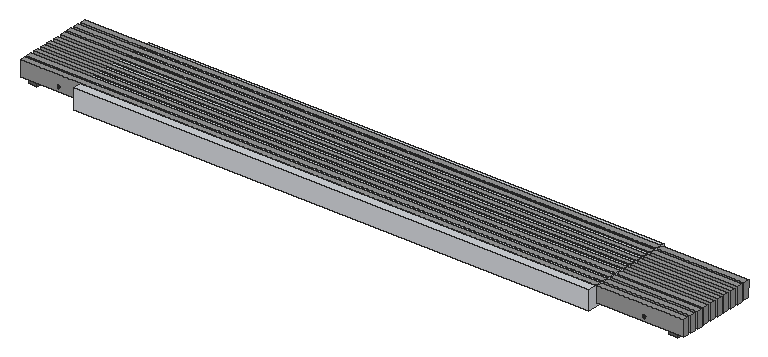
Revit family "1213-10, Solid", category Generic Models, host Face, Revit 2020
Family settings
  Host = Face
  Can host rebar = No
  Round Connector Dimension = Use Diameter
  Part Type = Normal
  Cut with Voids When Loaded = No
  Shared = No
  Room Calculation Point = No
Parameters
  min_value [instance] = 1' - 11 1/4"  # constant formula
  max_value [instance] = 11' - 11 1/4"  # constant formula
  actual_value [instance] = if(NET LENGTH < min_value, min_value, if(NET LENGTH > max_value, max_value, NET LENGTH))  # 7' - 11 1/4"
  NET LENGTH [instance] = 7' - 11 1/4"
  IMPORTANT NOTE!!!                                                                             *Backer & dowel layout is for visualization purposes only, final layout to be determined by 9Wood. [instance] = ""
  Default Elevation = 4' - 0"
  DOWEL RADIUS [instance] = 0' - 0 1/4"  # constant formula
  BACKING M MATERIAL [instance] = BLACK-BACKERS
  .. MEMBER WIDTH [instance] = 0' - 0 3/4"  # constant formula
  .. MEMBER MATERIAL [instance] = Solid Western Hemlock
  .. MEMBER DEPTH [instance] = 0' - 2 1/4"  # constant formula
  .. MEMBER COUNT [instance] = 10  # constant formula
Reference planes (in)
  plane 1 "Center (Front/Back)": y = 0
  plane 2: z = 2.726
  plane 3 "Center (Left/Right)": x = 0
Forms (in)
  Extrusion 1, solid
    sketch origin (15, -0.86619, -0.99308) x (0, 1, 0) y (-1, 0, 0)
      loop
        line (3.42869, -23.66817) -> (3.42869, 50.25) -> (-10, 50.25) -> (-10, -23.66817) -> (3.42869, -23.66817)
    from 3.71908 to 1.00111
Dimensions and locks (in)
  aligned and locked: plane 2 to Extrusion 1
Nested families (in)
  nested 1: "1200 Series" at (-44, -2, 1.87867), NET LENGTH <- "actual_value", DOWEL RADII <- "DOWEL RADIUS", .. MEMBER WIDTH <- ".. MEMBER WIDTH", .. MEMBER DEPTH <- ".. MEMBER DEPTH", .. MEMBER MATERIAL <- ".. MEMBER MATERIAL", BACKING M MATERIAL <- "BACKING M MATERIAL", .. MEMBER COUNT <- ".. MEMBER COUNT", type "1200 Series"
    with X 7' - 4", WIDTH 1' - 0 1/16", Space 0' - 0 11/16", START 0' - 0 3/8", SCRIM MATERIAL SCRIM, SCRIM 3 8' - 1", SCRIM 2 0' - 0 7/8", SCRIM 1 0' - 0 3/32", SCRIM yes, NET LENGTH 7' - 11 1/4", N 8, INSET 3 0' - 0 3/16", INSET 0' - 1", INDEX 0' - 5 5/8", END BACKER yes, DOWEL RADII 0' - 0 1/4", DOWEL COUNT 8, BACKING M WIDTH 0' - 1 1/4", BACKING M MATERIAL BLACK-BACKERS, BACKING M LENGTH 0' - 11 7/8", BACKING M DEPTH 0' - 0 1/2", .. MEMBER WIDTH 0' - 0 3/4", .. MEMBER OC TYP 0' - 1.2", .. MEMBER MATERIAL Solid Western Hemlock, .. MEMBER DEPTH 0' - 2 1/4", .. MEMBER COUNT 10
Definition of nested family "1200 Series"
  Parameters (values of type "1200 Series")
    X [instance] = NET LENGTH - (0' 3 5/8" * 2)  # 6' - 2"
    WIDTH [instance] = 1' - 0 1/16"
    Space [instance] = 0' - 0 11/16"  # constant formula
    START [instance] = .. MEMBER WIDTH / 2  # 0' - 0 3/8"
    SCRIM MATERIAL [instance] = none
    SCRIM 3 [instance] = NET LENGTH + (SCRIM 2 * 2)  # 6' - 11"
    SCRIM 2 [instance] = 0' - 0 7/8"
    SCRIM 1 [instance] = 0' - 0 3/32"
    SCRIM [instance] = yes
    NET LENGTH [instance] = 6' - 9 1/4"
    N [instance] = if((X - (rounddown(X / 1' 0") * 1' 0")) > 1' 0", rounddown(X / 1' 0") + 2, rounddown(X / 1' 0") + 1)  # 7
    INSET 3 [instance] = 0' - 0 3/16"
    INSET [instance] = 0' - 1"
    INDEX [instance] = (NET LENGTH - ((N - 1) * 1' 0")) / 2  # 0' - 4 5/8"
    END BACKER [instance] = yes
    Default Elevation = 0' - 0"
    DOWEL RADII [instance] = 0' - 0 1/4"
    DOWEL COUNT [instance] = N  # 7
    BACKING M WIDTH [instance] = 0' - 1 1/4"
    BACKING M MATERIAL [instance] = none
    BACKING M LENGTH [instance] = 0' - 11 7/8"
    BACKING M DEPTH [instance] = 0' - 0 1/2"
    .. MEMBER WIDTH [instance] = 0' - 0 3/4"
    .. MEMBER OC TYP [instance] = 1' 0" / .. MEMBER COUNT  # 0' - 3"
    .. MEMBER MATERIAL [instance] = none
    .. MEMBER DEPTH [instance] = 0' - 1 3/8"
    .. MEMBER COUNT [instance] = 4
  Reference planes (in)
    plane 1 "Center (Front/Back)": y = -7.5
    plane 2: z = 0
    plane 3 "Center (Left/Right)": x = 0
    plane 4: x = 1
    plane 5: x = 4.625
    plane 6: x = 81.25
    plane 7: x = 80.25
    plane 8: x = 16.625
    plane 9: y = -7.3125
    plane 10: y = -4.125
    plane 11: y = -7.125
    plane 12: y = 4.5625
    plane 13: y = -4.5
    plane 14: y = -7.59375
    plane 15: x = 82.125
    plane 16: y = 4.65625
    plane 17: x = -0.875
    plane 18: z = -1.375
    plane 19: z = -0.6875
  Lines and regions (in)
    model lines
      curve 1: line (4.375, -7.5, -0.6875) -> (4.875, -7.5, -0.6875)
    model lines, not visible
      curve 2: line (4.625, -7.5, -0.9375) -> (4.625, -7.5, -0.4375)
      curve 3: line (4.375, -7.5, -0.6875) -> (4.875, -7.5, -0.6875)
      curve 4: line (16.625, -7.5, -0.9375) -> (16.625, -7.5, -0.4375)
      curve 5: line (16.375, -7.5, -0.6875) -> (16.875, -7.5, -0.6875)
      curve 6: line (28.625, -7.5, -0.9375) -> (28.625, -7.5, -0.4375)
      curve 7: line (28.375, -7.5, -0.6875) -> (28.875, -7.5, -0.6875)
      curve 8: line (40.625, -7.5, -0.9375) -> (40.625, -7.5, -0.4375)
      curve 9: line (40.375, -7.5, -0.6875) -> (40.875, -7.5, -0.6875)
      curve 10: line (52.625, -7.5, -0.9375) -> (52.625, -7.5, -0.4375)
      curve 11: line (52.375, -7.5, -0.6875) -> (52.875, -7.5, -0.6875)
      curve 12: line (64.625, -7.5, -0.9375) -> (64.625, -7.5, -0.4375)
      curve 13: line (64.375, -7.5, -0.6875) -> (64.875, -7.5, -0.6875)
      curve 14: line (76.625, -7.5, -0.9375) -> (76.625, -7.5, -0.4375)
      curve 15: line (76.375, -7.5, -0.6875) -> (76.875, -7.5, -0.6875)
  Dimensions and locks (in)
    "NET LENGTH": plane 3 "Center (Left/Right)" to plane 6
    "INSET": plane 7 to plane 6
    "INDEX": plane 3 "Center (Left/Right)" to plane 5
    plane 5 to plane 8 = 1' - 0"
    "INSET 3": plane 1 "Center (Front/Back)" to plane 9
    equal spacing: group 1, group 2, group 3, group 4  (x3)
    "START": plane 11 to plane 1 "Center (Front/Back)"
    ".. MEMBER OC TYP": plane 10 to plane 11
    "WIDTH": plane 12 to plane 1 "Center (Front/Back)"
    "START": plane 10 to plane 13
    "SCRIM 1": plane 14 to plane 1 "Center (Front/Back)"
    "SCRIM 2": plane 6 to plane 15
    "SCRIM 1": plane 12 to plane 16
    "SCRIM 2": plane 17 to plane 3 "Center (Left/Right)"
    "INSET": plane 3 "Center (Left/Right)" to plane 4
    equal spacing: group 5, group 6, group 7, group 8, group 9, group 10, group 11  (x3)
    "Space": plane 19 to plane 18
    aligned and locked: level to plane 2
    aligned and locked: nested 1 to plane 4  (x2)
    aligned and locked: plane 7 to nested 2
    aligned and locked: plane 5 to nested 3
    aligned and locked: nested 1 to plane 9
    aligned and locked: plane 1 "Center (Front/Back)" to nested 4
    aligned and locked: plane 9 to nested 2
    aligned and locked: plane 13 to nested 5
    aligned and locked: nested 3 to plane 9
    aligned and locked: plane 18 to nested 1
    aligned and locked: plane 19 to nested 3
    aligned and locked: curve 1 to plane 19
    aligned and locked: plane 8 to curve 4
    aligned and locked: curve 5 to plane 19
    aligned and locked: nested 4 to plane 18
  Automatic sketch dimensions
    curve 1 to curve 1 = 0' - 0 1/2"
    curve 1 to plane 5 = 0' - 0 1/4"
    plane 5 to curve 1 = 0' - 0 1/4"
    curve 3 to curve 2 = 0' - 0 1/4"  (x2)
    curve 2 to curve 3 = 0' - 0 1/4"  (x2)
    curve 5 to curve 4 = 0' - 0 1/4"  (x2)
    curve 4 to curve 5 = 0' - 0 1/4"  (x2)
    curve 7 to curve 6 = 0' - 0 1/4"  (x2)
    curve 6 to curve 7 = 0' - 0 1/4"  (x2)
    curve 9 to curve 8 = 0' - 0 1/4"  (x2)
    curve 8 to curve 9 = 0' - 0 1/4"  (x2)
    curve 11 to curve 10 = 0' - 0 1/4"  (x2)
    curve 10 to curve 11 = 0' - 0 1/4"  (x2)
    curve 13 to curve 12 = 0' - 0 1/4"  (x2)
    curve 12 to curve 13 = 0' - 0 1/4"  (x2)
    curve 15 to curve 14 = 0' - 0 1/4"  (x2)
    curve 14 to curve 15 = 0' - 0 1/4"  (x2)
  Nested families (in)
    nested 1: "INSTANCE - 2ND -  EXTEND SIDE H CENTER W - Parametric Cube" at (1, -1.375, -1.375) x (0, -1, 0) z (0, 0, 1), Width <- "BACKING M LENGTH", Length <- "BACKING M WIDTH", Material <- "BACKING M MATERIAL", Height <- "BACKING M DEPTH", visible <- "END BACKER", type "INSTANCE - 2ND -  EXTEND SIDE H CENTER W - Parametric Cube"
      with Width 0' - 11 7/8", Material none, Length 0' - 1 1/4", Height 0' - 0 1/2"
    nested 2: "INSTANCE - 2ND -  EXTEND SIDE H CENTER W - Parametric Cube" at (80.25, -1.375, -1.375) x (0, -1, 0) z (0, 0, 1), Width <- "BACKING M LENGTH", Length <- "BACKING M WIDTH", Material <- "BACKING M MATERIAL", Height <- "BACKING M DEPTH", visible <- "END BACKER", type "INSTANCE - 2ND -  EXTEND SIDE H CENTER W - Parametric Cube"
      with Width 0' - 11 7/8", Material none, Length 0' - 1 1/4", Height 0' - 0 1/2"
    nested 3: "Family3" at (-5.375, -7.3125, -0.6875), DOWEL RADII <- "DOWEL RADII", BACKING MEM MATERIAL <- "BACKING M MATERIAL", type "Family3"
      with DOWEL RADII 0' - 0 1/4", DOWEL LENGTH 0' - 11 7/8", BACKING MEM MATERIAL none
    nested 4: "HOLED MEMBER" at (0, -18.75, 6.19404), DOWEL RADII <- "DOWEL RADII", .. MEMBER LENGTH <- "NET LENGTH", DOWEL COUNT <- "DOWEL COUNT", DEPTH <- ".. MEMBER DEPTH", .. MEMBER WIDTH <- ".. MEMBER WIDTH", Material <- ".. MEMBER MATERIAL", DOWEL INDEX <- "INDEX", Space 2 <- "Space", type "HOLED MEMBER"
      with Width 0' - 6", Space 2 0' - 0 11/16", Material none, Length 1' - 0", Height 0' - 10.43096", DOWEL RADII 0' - 0 1/4", DOWEL OC DIST 1' - 0", DOWEL INDEX 0' - 4 5/8", DOWEL COUNT 7, DEPTH 0' - 1 3/8", .. MEMBER WIDTH 0' - 0 3/4", .. MEMBER LENGTH 6' - 9 1/4"
    nested 5: "HOLED MEMBER" at (0, -15.75, 6.19404), DOWEL RADII <- "DOWEL RADII", .. MEMBER LENGTH <- "NET LENGTH", DOWEL COUNT <- "DOWEL COUNT", DEPTH <- ".. MEMBER DEPTH", .. MEMBER WIDTH <- ".. MEMBER WIDTH", Material <- ".. MEMBER MATERIAL", DOWEL INDEX <- "INDEX", Space 2 <- "Space", type "HOLED MEMBER"
      with Width 0' - 6", Space 2 0' - 0 11/16", Material none, Length 1' - 0", Height 0' - 10.43096", DOWEL RADII 0' - 0 1/4", DOWEL OC DIST 1' - 0", DOWEL INDEX 0' - 4 5/8", DOWEL COUNT 7, DEPTH 0' - 1 3/8", .. MEMBER WIDTH 0' - 0 3/4", .. MEMBER LENGTH 6' - 9 1/4"
    nested 6: "HOLED MEMBER" at (0, -12.75, 6.19404), DOWEL RADII <- "DOWEL RADII", .. MEMBER LENGTH <- "NET LENGTH", DOWEL COUNT <- "DOWEL COUNT", DEPTH <- ".. MEMBER DEPTH", .. MEMBER WIDTH <- ".. MEMBER WIDTH", Material <- ".. MEMBER MATERIAL", DOWEL INDEX <- "INDEX", Space 2 <- "Space", type "HOLED MEMBER"
      with Width 0' - 6", Space 2 0' - 0 11/16", Material none, Length 1' - 0", Height 0' - 10.43096", DOWEL RADII 0' - 0 1/4", DOWEL OC DIST 1' - 0", DOWEL INDEX 0' - 4 5/8", DOWEL COUNT 7, DEPTH 0' - 1 3/8", .. MEMBER WIDTH 0' - 0 3/4", .. MEMBER LENGTH 6' - 9 1/4"
    nested 7: "HOLED MEMBER" at (0, -9.75, 6.19404), DOWEL RADII <- "DOWEL RADII", .. MEMBER LENGTH <- "NET LENGTH", DOWEL COUNT <- "DOWEL COUNT", DEPTH <- ".. MEMBER DEPTH", .. MEMBER WIDTH <- ".. MEMBER WIDTH", Material <- ".. MEMBER MATERIAL", DOWEL INDEX <- "INDEX", Space 2 <- "Space", type "HOLED MEMBER"
      with Width 0' - 6", Space 2 0' - 0 11/16", Material none, Length 1' - 0", Height 0' - 10.43096", DOWEL RADII 0' - 0 1/4", DOWEL OC DIST 1' - 0", DOWEL INDEX 0' - 4 5/8", DOWEL COUNT 7, DEPTH 0' - 1 3/8", .. MEMBER WIDTH 0' - 0 3/4", .. MEMBER LENGTH 6' - 9 1/4"
    nested 8: "Family3" at (6.625, -7.3125, -0.6875), DOWEL RADII <- "DOWEL RADII", BACKING MEM MATERIAL <- "BACKING M MATERIAL", type "Family3"
      with DOWEL RADII 0' - 0 1/4", DOWEL LENGTH 0' - 11 7/8", BACKING MEM MATERIAL none
    nested 9: "Family3" at (18.625, -7.3125, -0.6875), DOWEL RADII <- "DOWEL RADII", BACKING MEM MATERIAL <- "BACKING M MATERIAL", type "Family3"
      with DOWEL RADII 0' - 0 1/4", DOWEL LENGTH 0' - 11 7/8", BACKING MEM MATERIAL none
    nested 10: "Family3" at (30.625, -7.3125, -0.6875), DOWEL RADII <- "DOWEL RADII", BACKING MEM MATERIAL <- "BACKING M MATERIAL", type "Family3"
      with DOWEL RADII 0' - 0 1/4", DOWEL LENGTH 0' - 11 7/8", BACKING MEM MATERIAL none
    nested 11: "Family3" at (42.625, -7.3125, -0.6875), DOWEL RADII <- "DOWEL RADII", BACKING MEM MATERIAL <- "BACKING M MATERIAL", type "Family3"
      with DOWEL RADII 0' - 0 1/4", DOWEL LENGTH 0' - 11 7/8", BACKING MEM MATERIAL none
    nested 12: "Family3" at (54.625, -7.3125, -0.6875), DOWEL RADII <- "DOWEL RADII", BACKING MEM MATERIAL <- "BACKING M MATERIAL", type "Family3"
      with DOWEL RADII 0' - 0 1/4", DOWEL LENGTH 0' - 11 7/8", BACKING MEM MATERIAL none
    nested 13: "Family3" at (66.625, -7.3125, -0.6875), DOWEL RADII <- "DOWEL RADII", BACKING MEM MATERIAL <- "BACKING M MATERIAL", type "Family3"
      with DOWEL RADII 0' - 0 1/4", DOWEL LENGTH 0' - 11 7/8", BACKING MEM MATERIAL none
  Definition of nested family "INSTANCE - 2ND -  EXTEND SIDE H CENTER W - Parametric Cube"
    Parameters (values of type "INSTANCE - 2ND -  EXTEND SIDE H CENTER W - Parametric Cube")
      Width [instance] = 0' - 6"
      Material [instance] = none
      Length [instance] = 1' - 0"
      Height [instance] = 1' - 6"
      Default Elevation = 0' - 0"
    Reference planes (in)
      plane 1 "Center (Front/Back)": y = 0
      plane 2: z = 0
      plane 3 "Center (Left/Right)": x = 0
      plane 4: x = -3
      plane 5: x = 3
      plane 6: y = 12
      plane 7: z = -18
    Forms (in)
      Extrusion 1, solid, material <- "Material"
        sketch origin (0, 6, 0) x (1, 0, 0) y (0, 1, 0)
          loop
            line (-3, 6) -> (-3, -6) -> (3, -6) -> (3, 6) -> (-3, 6)
        from -18 to 0
    Dimensions and locks (in)
      equal spacing: plane 4, plane 3 "Center (Left/Right)", plane 5
      "Width": plane 4 to plane 5
      "Height": plane 7 to level
      "Length": plane 1 "Center (Front/Back)" to plane 6
      aligned and locked: plane 2 to level
      aligned and locked: plane 4 to Extrusion 1 sketch curve
      aligned and locked: Extrusion 1 sketch curve to plane 5
      aligned and locked: Extrusion 1 to plane 7
      aligned and locked: plane 6 to Extrusion 1
    Automatic sketch dimensions
      plane 1 "Center (Front/Back)" to Extrusion 1 sketch curve = 0' - 0"
      plane 6 to Extrusion 1 sketch curve = 0' - 0"
  Definition of nested family "Family3"
    Parameters (values of type "Family3")
      Default Elevation = 0' - 0"
      DOWEL RADII [instance] = 0' - 0 5/8"
      DOWEL LENGTH [instance] = 0' - 5"
      BACKING MEM MATERIAL [instance] = none
    Reference planes (in)
      plane 1 "Center (Front/Back)": y = 0
      plane 2: z = 0
      plane 3 "Center (Left/Right)": x = 0
      plane 4: y = 5
    Forms (in)
      Extrusion 1, solid, material <- "BACKING MEM MATERIAL"
        sketch origin (10, 0, 0) x (1, 0, 0) y (0, 0, 1)
          loop
            circle (0, 0) r 0.625
        from 0 to -5
      Extrusion 2, solid, not visible
        sketch origin (0, 0, 0) x (1, 0, 0) y (0, 0, 1)
          loop
            circle (0, 0) r 0.625
        from 0 to 12
      Extrusion 3, solid, not visible
        sketch origin (10, 0, 0) x (1, 0, 0) y (0, 0, 1)
          loop
            circle (0, 0) r 0.625
        from 0 to 2.5
      Extrusion 4, solid, not visible
        sketch origin (10, 0, 0) x (1, 0, 0) y (0, 0, 1)
          loop
            circle (0, 0) r 0.625
        from 0 to -12
    Lines and regions (in)
      model lines, not visible
        curve 1: line (-13, 0, 0) -> (-13, -12, 0)
        curve 2: line (13, 0, 0) -> (13, -12, 0)
        curve 3: line (9.89453, 0, 0) -> (10.08794, 0, 0)
        curve 4: line (9.89453, -2.5, 0) -> (10.08794, -2.5, 0)
        curve 6: line (10, 0, 0) -> (10, 2, 0)
      model lines
        curve 5: line (10, 0, 0) -> (10, 2, 0)
    Dimensions and locks (in)
      "DOWEL LENGTH": plane 1 "Center (Front/Back)" to plane 4
      "DOWEL RADII": radius of Extrusion 1 sketch curve
      "DOWEL RADII": radius of Extrusion 2 sketch curve
      "DOWEL RADII": radius of Extrusion 3 sketch curve
      "DOWEL RADII": radius of Extrusion 4 sketch curve
      "DOWEL RADII": radius of Extrusion 1
      aligned and locked: plane 2 to level
      aligned and locked: Extrusion 1 to plane 1 "Center (Front/Back)"  (x3)
      aligned and locked: plane 1 "Center (Front/Back)" to Extrusion 1
      aligned and locked: plane 4 to Extrusion 1
    Automatic sketch dimensions
      plane 1 "Center (Front/Back)" to curve 5 = 0' - 0"
      curve 5 to plane 1 "Center (Front/Back)" = 0' - 2"
      plane 3 "Center (Left/Right)" to curve 5 = 0' - 10"
      Extrusion 1 sketch curve to level = 0' - 0"
      plane 3 "Center (Left/Right)" to Extrusion 1 sketch curve = 0' - 10"
  Definition of nested family "HOLED MEMBER"
    Parameters (values of type "HOLED MEMBER")
      Width [instance] = 0' - 6"
      Space 2 [instance] = 0' - 0 5/8"
      Space = 0' - 0 5/8"
      Material [instance] = none
      Length [instance] = 1' - 0"
      Height [instance] = 0' - 10.43096"
      Default Elevation = 0' - 0"
      DOWEL RADII [instance] = 0' - 0.34537"
      DOWEL OC DIST [instance] = 1' - 0"
      DOWEL INSET = 0' - 0 5/8"
      DOWEL INDEX [instance] = 0' - 5 5/8"
      DOWEL COUNT [instance] = 6
      DEPTH [instance] = 0' - 2"
      .. MEMBER WIDTH [instance] = 0' - 0 5/8"
      .. MEMBER LENGTH [instance] = 5' - 11 3/4"
    Reference planes (in)
      plane 1 "Center (Front/Back)": y = 12
      plane 2: z = -7.56904
      plane 3 "Center (Left/Right)": x = 0
      plane 4: x = 5.625
      plane 5: x = 17.625
      plane 6: y = 11.375
      plane 7: x = 71.75
      plane 8: z = -6.94404
      plane 9: z = -5.56904
    Forms (in)
      Extrusion 1, solid, material <- "Material"
        sketch origin (0, 12, -13.56904) x (1, 0, 0) y (0, 0, 1)
          loop
            line (0, 6) -> (71.75, 6) -> (71.75, 8) -> (0, 8) -> (0, 6)
        from 0.625 to 0
      Extrusion 2, void
        sketch origin (0, 12, -18.31904) x (1, 0, 0) y (0, 0, 1)
          loop
            circle (5.625, 11.375) r 0.34537
        from 0 to 12
      Extrusion 3, void, not visible
        sketch origin (0, 1.25, 0) x (1, 0, 0) y (0, 1, 0)
          loop
            circle (5.625, 11.375) r 0.34537
        from 0 to 12
      Extrusion 4, void, not visible
        sketch origin (0, 1.25, 0) x (1, 0, 0) y (0, 1, 0)
          loop
            circle (5.625, 11.375) r 0.34537
        from 0 to 12
      Extrusion 5, void, not visible
        sketch origin (12, 1.25, 0) x (1, 0, 0) y (0, 1, 0)
          loop
            circle (5.625, 11.375) r 0.34537
        from 0 to 12
      Extrusion 6, void, not visible
        sketch origin (0, 12, -16.31904) x (1, 0, 0) y (0, 0, 1)
          loop
            circle (5.625, 11.375) r 0.34537
        from 0 to 12
      Extrusion 7, void, not visible
        sketch origin (12, 12, -16.31904) x (1, 0, 0) y (0, 0, 1)
          loop
            circle (5.625, 11.375) r 0.34537
        from 0 to 12
      Extrusion 8, void, not visible
        sketch origin (0, 12, -18.31904) x (1, 0, 0) y (0, 0, 1)
          loop
            circle (5.625, 11.375) r 0.34537
        from 0 to 12
      Extrusion 9, void
        sketch origin (12, 12, -18.31904) x (1, 0, 0) y (0, 0, 1)
          loop
            circle (5.625, 11.375) r 0.34537
        from 0 to 12
      Extrusion 10, void, not visible
        sketch origin (24, 12, -16.31904) x (1, 0, 0) y (0, 0, 1)
          loop
            circle (5.625, 11.375) r 0.34537
        from 0 to 12
      Extrusion 11, void, not visible
        sketch origin (36, 12, -16.31904) x (1, 0, 0) y (0, 0, 1)
          loop
            circle (5.625, 11.375) r 0.34537
        from 0 to 12
      Extrusion 12, void, not visible
        sketch origin (48, 12, -16.31904) x (1, 0, 0) y (0, 0, 1)
          loop
            circle (5.625, 11.375) r 0.34537
        from 0 to 12
      Extrusion 13, void, not visible
        sketch origin (60, 12, -16.31904) x (1, 0, 0) y (0, 0, 1)
          loop
            circle (5.625, 11.375) r 0.34537
        from 0 to 12
      Extrusion 14, void, not visible
        sketch origin (24, 1.25, 0) x (1, 0, 0) y (0, 1, 0)
          loop
            circle (5.625, 11.375) r 0.34537
        from 0 to 12
      Extrusion 15, void, not visible
        sketch origin (36, 1.25, 0) x (1, 0, 0) y (0, 1, 0)
          loop
            circle (5.625, 11.375) r 0.34537
        from 0 to 12
      Extrusion 16, void, not visible
        sketch origin (48, 1.25, 0) x (1, 0, 0) y (0, 1, 0)
          loop
            circle (5.625, 11.375) r 0.34537
        from 0 to 12
      Extrusion 17, void, not visible
        sketch origin (60, 1.25, 0) x (1, 0, 0) y (0, 1, 0)
          loop
            circle (5.625, 11.375) r 0.34537
        from 0 to 12
      Extrusion 18, void
        sketch origin (24, 12, -18.31904) x (1, 0, 0) y (0, 0, 1)
          loop
            circle (5.625, 11.375) r 0.34537
        from 0 to 12
      Extrusion 19, void
        sketch origin (36, 12, -18.31904) x (1, 0, 0) y (0, 0, 1)
          loop
            circle (5.625, 11.375) r 0.34537
        from 0 to 12
      Extrusion 20, void
        sketch origin (48, 12, -18.31904) x (1, 0, 0) y (0, 0, 1)
          loop
            circle (5.625, 11.375) r 0.34537
        from 0 to 12
      Extrusion 21, void
        sketch origin (60, 12, -18.31904) x (1, 0, 0) y (0, 0, 1)
          loop
            circle (5.625, 11.375) r 0.34537
        from 0 to 12
    Cuts and joins
      Extrusion 2, Extrusion 9, Extrusion 18, Extrusion 19, Extrusion 20, Extrusion 21 cuts Extrusion 1
    Lines and regions (in)
      model lines, not visible
        curve 1: line (5.625, 11.72037, 0) -> (5.625, 11.02963, 0)
        curve 2: line (5.625, 11.72037, 0) -> (5.625, 11.02963, 0)
        curve 3: line (17.625, 11.72037, 0) -> (17.625, 11.02963, 0)
        curve 4: line (5.625, 12, -7.56904) -> (5.625, 11.87317, -7.56904)
        curve 5: line (5.625, 11.87317, -7.56904) -> (5.06195, 11.87317, -7.56904)
        curve 6: line (5.06195, 11.87317, -7.56904) -> (5.27963, 11.375, -7.56904)
        curve 7: line (0, 12, -6.19404) -> (0, 11.61951, -6.19404)
        curve 8: line (0, 11.375, -8.19404) -> (0, 11.6747, -8.19404)
        curve 9: line (5.625, 12, -7.56904) -> (5.625, 11.69863, -7.56904)
        curve 11: line (5.625, 12, 0) -> (5.625, 12, 0.30137)
        curve 12: line (5.625, 12, 0) -> (5.625, 12, 0.30137)
        curve 13: line (17.625, 12, 0) -> (17.625, 12, 0.30137)
        curve 14: line (5.625, 12, -5.56904) -> (5.625, 11.69863, -5.56904)
        curve 15: line (17.625, 12, -5.56904) -> (17.625, 11.69863, -5.56904)
        curve 16: line (5.625, 12, -7.56904) -> (5.625, 11.69863, -7.56904)
        curve 18: line (29.625, 12, -5.56904) -> (29.625, 11.69863, -5.56904)
        curve 19: line (41.625, 12, -5.56904) -> (41.625, 11.69863, -5.56904)
        curve 20: line (53.625, 12, -5.56904) -> (53.625, 11.69863, -5.56904)
        curve 21: line (65.625, 12, -5.56904) -> (65.625, 11.69863, -5.56904)
        curve 22: line (29.625, 11.72037, 0) -> (29.625, 11.02963, 0)
        curve 23: line (29.625, 12, 0) -> (29.625, 12, 0.30137)
        curve 24: line (41.625, 11.72037, 0) -> (41.625, 11.02963, 0)
        curve 25: line (41.625, 12, 0) -> (41.625, 12, 0.30137)
        curve 26: line (53.625, 11.72037, 0) -> (53.625, 11.02963, 0)
        curve 27: line (53.625, 12, 0) -> (53.625, 12, 0.30137)
        curve 28: line (65.625, 11.72037, 0) -> (65.625, 11.02963, 0)
        curve 29: line (65.625, 12, 0) -> (65.625, 12, 0.30137)
        curve 35: line (5.27963, 12.625, 0) -> (5.97037, 12.625, 0)
        curve 36: line (5.27963, 12.625, 0) -> (5.97037, 12.625, 0)
        curve 37: line (17.27963, 12.625, 0) -> (17.97037, 12.625, 0)
        curve 38: line (5.27963, 12, -4.94404) -> (5.97037, 12, -4.94404)
        curve 39: line (17.27963, 12, -4.94404) -> (17.97037, 12, -4.94404)
        curve 40: line (5.27963, 12, -6.94404) -> (5.97037, 12, -6.94404)
        curve 42: line (29.27963, 12, -4.94404) -> (29.97037, 12, -4.94404)
        curve 43: line (41.27963, 12, -4.94404) -> (41.97037, 12, -4.94404)
        curve 44: line (53.27963, 12, -4.94404) -> (53.97037, 12, -4.94404)
        curve 45: line (65.27963, 12, -4.94404) -> (65.97037, 12, -4.94404)
        curve 46: line (29.27963, 12.625, 0) -> (29.97037, 12.625, 0)
        curve 47: line (41.27963, 12.625, 0) -> (41.97037, 12.625, 0)
        curve 48: line (53.27963, 12.625, 0) -> (53.97037, 12.625, 0)
        curve 49: line (65.27963, 12.625, 0) -> (65.97037, 12.625, 0)
        curve 54: line (0, 12, -6.94404) -> (0, 4.22059, -6.94404)
        curve 55: line (0, 12.625, 0) -> (0, 12.625, 7.77941)
        curve 56: line (0, 12.625, 0) -> (0, 12.625, 7.77941)
        curve 57: line (12, 12.625, 0) -> (12, 12.625, 7.77941)
        curve 58: line (0, 12, -4.94404) -> (0, 4.22059, -4.94404)
        curve 59: line (12, 12, -4.94404) -> (12, 4.22059, -4.94404)
        curve 60: line (0, 12, -6.94404) -> (0, 4.22059, -6.94404)
        curve 61: line (12, 12, -6.94404) -> (12, 4.22059, -6.94404)
        curve 62: line (24, 12, -4.94404) -> (24, 4.22059, -4.94404)
        curve 63: line (36, 12, -4.94404) -> (36, 4.22059, -4.94404)
        curve 64: line (48, 12, -4.94404) -> (48, 4.22059, -4.94404)
        curve 65: line (60, 12, -4.94404) -> (60, 4.22059, -4.94404)
        curve 66: line (24, 12.625, 0) -> (24, 12.625, 7.77941)
        curve 67: line (36, 12.625, 0) -> (36, 12.625, 7.77941)
        curve 68: line (48, 12.625, 0) -> (48, 12.625, 7.77941)
        curve 69: line (60, 12.625, 0) -> (60, 12.625, 7.77941)
        curve 70: line (24, 12, -6.94404) -> (24, 4.22059, -6.94404)
        curve 71: line (36, 12, -6.94404) -> (36, 4.22059, -6.94404)
        curve 72: line (48, 12, -6.94404) -> (48, 4.22059, -6.94404)
        curve 73: line (60, 12, -6.94404) -> (60, 4.22059, -6.94404)
      model lines
        curve 10: line (5.625, 12, -7.56904) -> (5.625, 11.69863, -7.56904)
        curve 17: line (17.625, 12, -7.56904) -> (17.625, 11.69863, -7.56904)
        curve 30: line (29.625, 12, -7.56904) -> (29.625, 11.69863, -7.56904)
        curve 31: line (41.625, 12, -7.56904) -> (41.625, 11.69863, -7.56904)
        curve 32: line (53.625, 12, -7.56904) -> (53.625, 11.69863, -7.56904)
        curve 33: line (65.625, 12, -7.56904) -> (65.625, 11.69863, -7.56904)
        curve 34: line (5.27963, 12, -6.94404) -> (5.97037, 12, -6.94404)
        curve 41: line (17.27963, 12, -6.94404) -> (17.97037, 12, -6.94404)
        curve 50: line (29.27963, 12, -6.94404) -> (29.97037, 12, -6.94404)
        curve 51: line (41.27963, 12, -6.94404) -> (41.97037, 12, -6.94404)
        curve 52: line (53.27963, 12, -6.94404) -> (53.97037, 12, -6.94404)
        curve 53: line (65.27963, 12, -6.94404) -> (65.97037, 12, -6.94404)
    Dimensions and locks (in)
      "DOWEL INDEX": plane 3 "Center (Left/Right)" to plane 4
      "DOWEL OC DIST": plane 4 to plane 5
      ".. MEMBER LENGTH": plane 3 "Center (Left/Right)" to plane 7
      equal spacing: group 3, group 4, group 17, group 18, group 19, group 20  (x3)
      equal spacing: group 7, group 8, group 13, group 14, group 15, group 16  (x3)
      equal spacing: group 1, group 12, group 21, group 22, group 23, group 24  (x3)
      ".. MEMBER WIDTH": plane 6 to plane 1 "Center (Front/Back)"
      "DEPTH": plane 9 to level
      "Space 2": plane 8 to level
      "DOWEL RADII": radius of Extrusion 2 sketch curve
      "DOWEL RADII": radius of Extrusion 3 sketch curve
      "DOWEL RADII": radius of Extrusion 4 sketch curve
      "DOWEL RADII": radius of Extrusion 5 sketch curve
      "DOWEL RADII": radius of Extrusion 6 sketch curve
      "DOWEL RADII": radius of Extrusion 7 sketch curve
      "DOWEL RADII": radius of Extrusion 8 sketch curve
      "DOWEL RADII": radius of Extrusion 9 sketch curve
      "DOWEL RADII": radius of Extrusion 10 sketch curve
      "DOWEL RADII": radius of Extrusion 11 sketch curve
      "DOWEL RADII": radius of Extrusion 12 sketch curve
      "DOWEL RADII": radius of Extrusion 13 sketch curve
      "DOWEL RADII": radius of Extrusion 14 sketch curve
      "DOWEL RADII": radius of Extrusion 15 sketch curve
      "DOWEL RADII": radius of Extrusion 16 sketch curve
      "DOWEL RADII": radius of Extrusion 17 sketch curve
      "DOWEL RADII": radius of Extrusion 18 sketch curve
      "DOWEL RADII": radius of Extrusion 19 sketch curve
      "DOWEL RADII": radius of Extrusion 20 sketch curve
      "DOWEL RADII": radius of Extrusion 21 sketch curve
      aligned and locked: level to plane 2
      aligned and locked: Extrusion 1 to plane 3 "Center (Left/Right)"  (x2)
      aligned and locked: plane 7 to cut or joined group of Extrusion 1, Extrusion 2, Extrusion 9, Extrusion 18, Extrusion 19, Extrusion 20, Extrusion 21  (x2)
      aligned and locked: cut or joined group of Extrusion 1, Extrusion 2, Extrusion 9, Extrusion 18, Extrusion 19, Extrusion 20, Extrusion 21 to plane 1 "Center (Front/Back)"  (x2)
      aligned and locked: cut or joined group of Extrusion 1, Extrusion 2, Extrusion 9, Extrusion 18, Extrusion 19, Extrusion 20, Extrusion 21 to plane 6  (x2)
      aligned and locked: plane 4 to curve 10
      aligned and locked: plane 5 to curve 17
      aligned and locked: plane 9 to cut or joined group of Extrusion 1, Extrusion 2, Extrusion 9, Extrusion 18, Extrusion 19, Extrusion 20, Extrusion 21  (x2)
      aligned and locked: cut or joined group of Extrusion 1, Extrusion 2, Extrusion 9, Extrusion 18, Extrusion 19, Extrusion 20, Extrusion 21 to level
      aligned and locked: plane 8 to Extrusion 2
      aligned and locked: curve 34 to plane 8
      aligned and locked: curve 41 to plane 8
      aligned and locked: level to curve 10
      aligned and locked: curve 10 to level
      aligned and locked: plane 8 to cut or joined group of Extrusion 1, Extrusion 2, Extrusion 9, Extrusion 18, Extrusion 19, Extrusion 20, Extrusion 21
      aligned and locked: curve 54 to plane 8
    Automatic sketch dimensions
      curve 1 to curve 1 = 0' - 0.69074"
      curve 2 to curve 2 = 0' - 0.69074"
      curve 3 to curve 3 = 0' - 0.69074"
      Extrusion 1 sketch curve to plane 3 "Center (Left/Right)" = 0' - 0"
      Extrusion 1 sketch curve to plane 7 = 0' - 0"
      Extrusion 1 sketch curve to Extrusion 1 sketch curve = 0' - 2"
      level to Extrusion 1 sketch curve = 0' - 0"
      curve 9 to curve 9 = 0' - 0.30137"
      curve 10 to curve 10 = 0' - 0.30137"
      curve 11 to curve 11 = 0' - 0.30137"
      curve 12 to curve 12 = 0' - 0.30137"
      curve 13 to curve 13 = 0' - 0.30137"
      curve 14 to curve 14 = 0' - 0.30137"
      curve 15 to curve 15 = 0' - 0.30137"
      curve 16 to curve 16 = 0' - 0.30137"
      curve 17 to curve 17 = 0' - 0.30137"
      curve 18 to curve 18 = 0' - 0.30137"
      curve 19 to curve 19 = 0' - 0.30137"
      curve 20 to curve 20 = 0' - 0.30137"
      curve 21 to curve 21 = 0' - 0.30137"
      curve 22 to curve 22 = 0' - 0.69074"
      curve 23 to curve 23 = 0' - 0.30137"
      curve 24 to curve 24 = 0' - 0.69074"
      curve 25 to curve 25 = 0' - 0.30137"
      curve 26 to curve 26 = 0' - 0.69074"
      curve 27 to curve 27 = 0' - 0.30137"
      curve 28 to curve 28 = 0' - 0.69074"
      curve 29 to curve 29 = 0' - 0.30137"
      curve 30 to curve 30 = 0' - 0.30137"
      curve 31 to curve 31 = 0' - 0.30137"
      curve 32 to curve 32 = 0' - 0.30137"
      curve 33 to curve 33 = 0' - 0.30137"
      curve 34 to curve 34 = 0' - 0.69074"
      curve 35 to curve 35 = 0' - 0.69074"
      curve 36 to curve 36 = 0' - 0.69074"
      curve 37 to curve 37 = 0' - 0.69074"
      curve 38 to curve 38 = 0' - 0.69074"
      curve 39 to curve 39 = 0' - 0.69074"
      curve 40 to curve 40 = 0' - 0.69074"
      curve 41 to curve 41 = 0' - 0.69074"
      curve 42 to curve 42 = 0' - 0.69074"
      curve 43 to curve 43 = 0' - 0.69074"
      curve 44 to curve 44 = 0' - 0.69074"
      curve 45 to curve 45 = 0' - 0.69074"
      curve 46 to curve 46 = 0' - 0.69074"
      curve 47 to curve 47 = 0' - 0.69074"
      curve 48 to curve 48 = 0' - 0.69074"
      curve 49 to curve 49 = 0' - 0.69074"
      curve 50 to curve 50 = 0' - 0.69074"
      curve 51 to curve 51 = 0' - 0.69074"
      curve 52 to curve 52 = 0' - 0.69074"
      curve 53 to curve 53 = 0' - 0.69074"
      curve 54 to curve 54 = 0' - 7.77941"
      curve 55 to curve 55 = 0' - 7.77941"
      curve 56 to curve 56 = 0' - 7.77941"
      curve 57 to curve 57 = 0' - 7.77941"
      curve 58 to curve 58 = 0' - 7.77941"
      curve 59 to curve 59 = 0' - 7.77941"
      curve 60 to curve 60 = 0' - 7.77941"
      curve 61 to curve 61 = 0' - 7.77941"
      curve 62 to curve 62 = 0' - 7.77941"
      curve 63 to curve 63 = 0' - 7.77941"
      curve 64 to curve 64 = 0' - 7.77941"
      curve 65 to curve 65 = 0' - 7.77941"
      curve 66 to curve 66 = 0' - 7.77941"
      curve 67 to curve 67 = 0' - 7.77941"
      curve 68 to curve 68 = 0' - 7.77941"
      curve 69 to curve 69 = 0' - 7.77941"
      curve 70 to curve 70 = 0' - 7.77941"
      curve 71 to curve 71 = 0' - 7.77941"
      curve 72 to curve 72 = 0' - 7.77941"
      curve 73 to curve 73 = 0' - 7.77941"
